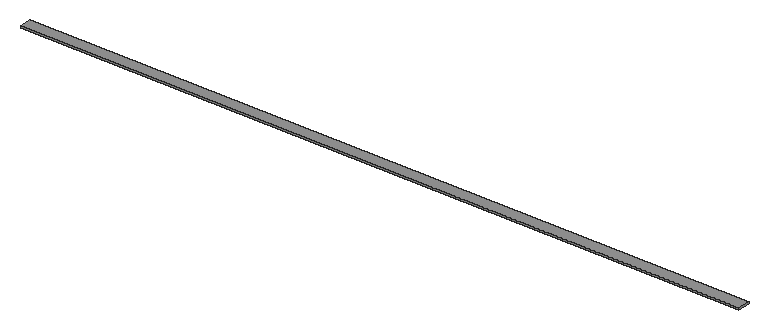
Revit family "0068100", category Lighting Fixtures, host Face, Revit 2017
Family settings
  Host = Face
  Round Connector Dimension = Use Diameter
  Part Type = Normal
  OmniClass Number = 23.80.70.00
  OmniClass Title = Lighting
  Cut with Voids When Loaded = No
  Light Source = Yes
  Shared = No
  Room Calculation Point = No
Parameters (values of type "0068100 START FLEX IP20 830 2800LM - 500 mm")
  Width_SYL = if(IP20HO_SYL, 10 mm, if(IP65_SYL, 12 mm, if(IP65HO_SYL, 10 mm, if(IP67_SYL, 10 mm, if(IP20RGB_SYL, 8 mm, if(IP20RGBW_SYL, 12 mm, if(IP67RGB_SYL, 12 mm, if(IP67RGBW_SYL, 14 mm, 8 mm))))))))  # 8 mm
  Weight = "2.0 kg"
  Wattage Comments = ""
  Wattage = 24 W
  WarrantyStartDate [instance] = "n/a"
  WarrantyGuarantorParts = "n/a"
  WarrantyDurationUnit = "n/a"
  WarrantyDurationParts = "n/a"
  WarrantyDescription = "n/a"
  built-in parameter 1150110 = 1 (stored number, unit not read)
  Voltage = 24 V
  URL = "http://www.sylvania-lighting.com"
  TypeName = "START FLEX IP20 830 2800LM - 500 mm"
  Type Image = <None>
  Type Comments = "n/a"
  built-in parameter 1114217 = 1 (stored number, unit not read)
  Tilt Angle = -90.00°
  built-in parameter 1150109 = 1 (stored number, unit not read)
  built-in parameter 1150134 = (empty or 0)
  built-in parameter 1150113 = 1 (stored number, unit not read)
  StartCapWidth_SYL = if(IP20HO_SYL, 2 mm, if(IP65_SYL, 14 mm, if(IP65HO_SYL, 12 mm, if(IP67_SYL, 17.5 mm, if(IP20RGB_SYL, 2 mm, if(IP20RGBW_SYL, 2 mm, if(IP67RGB_SYL, 14 mm, if(IP67RGBW_SYL, 16 mm, 2 mm))))))))  # 2 mm
  StartCapVisible_SYL [instance] = no
  StartCapLength_SYL = if(IP20HO_SYL, 2 mm, if(IP65_SYL, 10 mm, if(IP65HO_SYL, 15 mm, if(IP67_SYL, 35 mm, if(IP20RGB_SYL, 2 mm, if(IP20RGBW_SYL, 2 mm, if(IP67RGB_SYL, 12 mm, if(IP67RGBW_SYL, 12 mm, 2 mm))))))))  # 2 mm
  StartCapHeight_SYL = if(IP20HO_SYL, 2 mm, if(IP65_SYL, 6 mm, if(IP65HO_SYL, 6 mm, if(IP67_SYL, 9.5 mm, if(IP20RGB_SYL, 2 mm, if(IP20RGBW_SYL, 2 mm, if(IP67RGB_SYL, 7 mm, if(IP67RGBW_SYL, 7 mm, 2 mm))))))))  # 2 mm
  SerialNumber [instance] = "n/a"
  SealingVisibility_SYL = no
  IP67_SYL = no
  IP67RGB_SYL = no
  IP67RGBW_SYL = no
  IP65_SYL = no
  IP65HO_SYL = no
  IP20RGB_SYL = no
  IP20RGBW_SYL = no
  IP20HO_SYL = no
  HeightWithSealing_SYL = if(IP20HO_SYL, 2 mm, if(IP65_SYL, 4 mm, if(IP65HO_SYL, 4 mm, if(IP67_SYL, 6 mm, if(IP20RGB_SYL, 2 mm, if(IP20RGBW_SYL, 2 mm, if(IP67RGB_SYL, 5 mm, if(IP67RGBW_SYL, 5 mm, 2 mm))))))))  # 2 mm
  Photometric Web File = "0068100.ies"
  Material_3_SYL = ABS Plastic
  PowerFactor = 0
  PowerConsumption = "24 W"
  NominalLength = 5000 mm
  NominalHeight = 1.2 mm
  NominalDepth = 8 mm
  Name = "START FLEX IP20 830 2800LM - 500 mm"
  ModelReference = Name  # "START FLEX IP20 830 2800LM - 500 mm"
  ModelNumber = "0068100"
  Model = Name  # "START FLEX IP20 830 2800LM - 500 mm"
  Material = "none diffuser"
  ManufacturerName = "Feilo Sylvania"
  Manufacturer = "Feilo Sylvania"
  LuminousEfficacy = "117 lm/W"
  built-in parameter 1150105 = 956.2 (stored number, unit not read)
  Lumens = 2808 lm
  LuminaireType = ""
  built-in parameter 1150115 = 1 (stored number, unit not read)
  LightOutputRatio = "n/a"
  built-in parameter 1150137 = (empty or 0)
  built-in parameter 1150139 = (empty or 0)
  Length_SYL = 500 mm
  LampsType = Lamp  # "LED"
  LampNominalLuminous = "2800 lm"
  LampMacAdamStep = "3"
  LampColourTemperature = "3000 K"
  LampColourRenderingIndex = "80"
  built-in parameter 1150112 = 1 (stored number, unit not read)
  built-in parameter 1150114 = 1 (stored number, unit not read)
  Lamp = "LED"
  Keynote = "16500"
  InstallationDate [instance] = "n/a"
  InputVoltage = "24V DC"
  InputNominalFrequency = "n/a"
  built-in parameter 1150132 = (empty or 0)
  built-in parameter 1150102 = (empty or 0)
  built-in parameter 1150107 = 3000 (stored number, unit not read)
  built-in parameter 1150138 = (empty or 0)
  IngressProtection = "IP20"
  ImpactProtectionIndex = "IK00"
  built-in parameter 1150106 = 9.562 (stored number, unit not read)
  IfcExportType = "IfcLightFixtureType"
  IfcExportAs = "IfcLightFixtureType"
  EndCapWidth_SYL = if(IP20HO_SYL, 2 mm, if(IP65_SYL, 14 mm, if(IP65HO_SYL, 12 mm, if(IP67_SYL, 17.5 mm, if(IP20RGB_SYL, 2 mm, if(IP20RGBW_SYL, 2 mm, if(IP67RGB_SYL, 14 mm, if(IP67RGBW_SYL, 16 mm, 2 mm))))))))  # 2 mm
  EndCapVisible_SYL [instance] = no
  EndCapLength_SYL = if(IP20HO_SYL, 2 mm, if(IP65_SYL, 10 mm, if(IP65HO_SYL, 10 mm, if(IP67_SYL, 15 mm, if(IP20RGB_SYL, 2 mm, if(IP20RGBW_SYL, 2 mm, if(IP67RGB_SYL, 10 mm, if(IP67RGBW_SYL, 10 mm, 2 mm))))))))  # 2 mm
  EndCapHeight_SYL = if(IP20HO_SYL, 2 mm, if(IP65_SYL, 6 mm, if(IP65HO_SYL, 6 mm, if(IP67_SYL, 9.5 mm, if(IP20RGB_SYL, 2 mm, if(IP20RGBW_SYL, 2 mm, if(IP67RGB_SYL, 7 mm, if(IP67RGBW_SYL, 7 mm, 2 mm))))))))  # 2 mm
  EmitSurfaceOffset_SYL = 1 mm  # constant formula
  EmitSurfaceHeight_SYL = if(IP20HO_SYL, 1.2 mm, if(IP65_SYL, 4 mm, if(IP65HO_SYL, 4 mm, if(IP67_SYL, 6 mm, if(IP20RGB_SYL, 1.2 mm, if(IP20RGBW_SYL, 1.2 mm, if(IP67RGB_SYL, 5 mm, if(IP67RGBW_SYL, 5 mm, 1.2 mm))))))))  # 1.2 mm
  Emit from Rectangle Width = if(IP20HO_SYL, 3.5 mm, if(IP65_SYL, 12 mm, if(IP65HO_SYL, 10 mm, if(IP67_SYL, 10 mm, if(IP20RGB_SYL, 5 mm, if(IP20RGBW_SYL, 5 mm, if(IP67RGB_SYL, 12 mm, if(IP67RGBW_SYL, 14 mm, 3.5 mm))))))))  # 3.5 mm
  Emit from Rectangle Length = Length_SYL - 2 * EmitSurfaceOffset_SYL  # 498 mm
  Emit Shape Visible in Rendering = no
  ElectricShockClassification = "Class III"
  built-in parameter 1150104 = 10.87 (stored number, unit not read)
  DocumentationLiterature = "http://www.sylvania-lighting.com/product/en-int/products/0068100"
  DimmingControlOptions = "n/a"
  Material_2_SYL = LED
  Dimming Lamp Color Temperature Shift = <None>
  Description = "5 metre IP20 LED reel with pre-attached 3M adhesive type;  equipped with 300 LEDs; 2800lm per 5m (560lm per 1m); 24V; 3000K; CRI80; SDCM <3; 50000 hrs (L70)"
  Default Elevation = 1219.2 mm
  CreatedOn = "9/11/2019"
  CreatedBy = "@sylvania-lighting.com"
  Cost = 0
  Color Filter = 16777215
  built-in parameter 1114216 [instance] = (empty or 0)
  ClassificationValue = "EF_70_80"
  ClassificationName = "Uniclass2015"
  Material_1_SYL = Aluminum
  BarCode [instance] = "n/a"
  built-in parameter 1114218 = 1 (stored number, unit not read)
  built-in parameter 1150133 = 10 (stored number, unit not read)
  AssetType = "Fixed"
  AssetIdentifier [instance] = "n/a"
  Assembly Code = "D5020200"
  Apparent Load = 24 VA
  Material_4_SYL = Polycarbonate, Clear
Types (4, lengths in mm): name | TypeName | StartCapVisible_SYL | Name | ModelReference | Model | Length_SYL | EndCapVisible_SYL | Emit from Rectangle Length
  0068100 START FLEX IP20 830 2800LM - 500 mm | "START FLEX IP20 830 2800LM - 500 mm" | no | "START FLEX IP20 830 2800LM - 500 mm" | "START FLEX IP20 830 2800LM - 500 mm" | "START FLEX IP20 830 2800LM - 500 mm" | 500 | no | 498
  0068100 START FLEX IP20 830 2800LM - 100 mm | "START FLEX IP20 830 2800LM - 100 mm" | no | "START FLEX IP20 830 2800LM - 100 mm" | "START FLEX IP20 830 2800LM - 100 mm" | "START FLEX IP20 830 2800LM - 100 mm" | 100 | no | 98
  0068100 START FLEX IP20 830 2800LM - 50 mm | "START FLEX IP20 830 2800LM - 50 mm" | yes | "START FLEX IP20 830 2800LM - 50 mm" | "START FLEX IP20 830 2800LM - 50 mm" | "START FLEX IP20 830 2800LM - 50 mm" | 50 | yes | 48
  0068100 START FLEX IP20 830 2800LM - 10 mm | "START FLEX IP20 830 2800LM - 10 mm" | yes | "START FLEX IP20 830 2800LM - 10 mm" | "START FLEX IP20 830 2800LM - 10 mm" | "START FLEX IP20 830 2800LM - 10 mm" | 10 | yes | 8
Reference planes
  plane 1 "Center (Front/Back)": y = 0
  plane 2: z = 0
  plane 3 "Center (Left/Right)": x = 0
  plane 4: y = 4
  plane 5: y = -4
  plane 6: z = 1.2
  plane 7: x = 500
  plane 8: x = 250
  plane 9: x = 1
  plane 10: x = 499
  plane 11: y = 1.8
  plane 12: y = -1.8
  plane 13: y = 1
  plane 14: y = -1
  plane 15: x = -2
  plane 16: x = 502
  plane 17: y = 1
  plane 18: y = -1
  plane 19: z = 1.2
  plane 20: z = 2
  plane 21: z = 0.6
  plane 22: z = -0.4
  plane 23: z = 1.6
  plane 24: z = 1.6
  plane 25: z = -0.4
Forms (mm)
  Extrusion 1, solid, material "Aluminum" <- "Material_1_SYL"
    sketch origin (0, 0, 0) x (0, 1, 0) y (0, 0, 1)
      loop
        line (-4, 1.2) -> (-4, 0) -> (4, 0) -> (4, 1.2) -> (-4, 1.2)
    from 0 to 500
  Extrusion 2, solid, material "Polycarbonate, Clear" <- "Material_4_SYL", visible <- "SealingVisibility_SYL"
    sketch origin (0, 0, 0) x (0, 1, 0) y (0, 0, 1)
      loop
        line (-4, 1.2) -> (4, 1.2) -> (4, 2) -> (-4, 2) -> (-4, 1.2)
    from 0 to 500
  Extrusion 3, solid, visible <- "StartCapVisible_SYL"
    sketch origin (0, 0, 0) x (0, 1, 0) y (0, 0, 1)
      loop
        line (-1, -0.4) -> (1, -0.4) -> (1, 1.6) -> (-1, 1.6) -> (-1, -0.4)
    from 0 to -2
  Extrusion 4, solid, visible <- "EndCapVisible_SYL"
    sketch origin (500, 1524, 1219.2) x (0, 1, 0) y (0, 0, 1)
      loop
        line (-1523, -1219.6) -> (-1523, -1217.6) -> (-1525, -1217.6) -> (-1525, -1219.6) -> (-1523, -1219.6)
    from 0 to 2
Lines and regions (mm)
  Split face 1
    outline origin (0, -4, 1.2) x (0, 1, 0) y (-1, 0, 0)
      loop
        line (5.8, -1) -> (2.2, -1) -> (2.2, -499) -> (5.8, -499) -> (5.8, -1)
  reference lines
    curve 1: line (1, 1.8, 0) -> (499, 1.8, 0)
    curve 2: line (1, -1.8, 0) -> (1, 1.8, 0)
    curve 3: line (499, -1.8, 0) -> (1, -1.8, 0)
    curve 4: line (499, 1.8, 0) -> (499, -1.8, 0)
Dimensions and locks
  equal spacing: plane 5, plane 1 "Center (Front/Back)", plane 4
  "Width_SYL": plane 5 to plane 4
  "Length_SYL": plane 3 "Center (Left/Right)" to plane 7
  "EmitSurfaceOffset_SYL": plane 3 "Center (Left/Right)" to plane 9
  equal spacing: plane 9, plane 8, plane 10
  "EmitSurfaceOffset_SYL": plane 10 to plane 7
  equal spacing: plane 12, plane 1 "Center (Front/Back)", plane 11
  locked: plane 12 to plane 11 at 3.6
  equal spacing: plane 14, plane 1 "Center (Front/Back)", plane 13
  "StartCapWidth_SYL": plane 14 to plane 13
  "StartCapLength_SYL": plane 15 to plane 3 "Center (Left/Right)"
  equal spacing: plane 18, plane 1 "Center (Front/Back)", plane 17
  "EndCapWidth_SYL": plane 18 to plane 17
  "EndCapLength_SYL": plane 7 to plane 16
  "EmitSurfaceHeight_SYL": plane 19 to plane 2
  "HeightWithSealing_SYL": host face to plane 20
  equal spacing: plane 2, plane 21, plane 19
  equal spacing: plane 22, plane 21, plane 23
  "EndCapHeight_SYL": plane 22 to plane 23
  equal spacing: plane 25, plane 21, plane 24
  "StartCapHeight_SYL": plane 25 to plane 24
  aligned and locked: plane 2 to host face
  aligned and locked: level to host face
  aligned and locked: plane 6 to Extrusion 1 sketch curve
  aligned and locked: Extrusion 1 sketch curve to plane 5
  aligned and locked: level to Extrusion 1 sketch curve
  aligned and locked: plane 4 to Extrusion 1 sketch curve
  aligned and locked: plane 7 to Extrusion 1
  aligned and locked: imposter light to plane 1 "Center (Front/Back)"
  aligned and locked: plane 8 to imposter light
  aligned and locked: plane 11 to curve 1
  aligned and locked: plane 9 to curve 2
  aligned and locked: curve 3 to plane 12
  aligned and locked: curve 4 to plane 10
  aligned and locked: Split face 1 sketch curve to curve 1
  aligned and locked: Split face 1 sketch curve to curve 4
  aligned and locked: Split face 1 sketch curve to curve 3
  aligned and locked: Split face 1 sketch curve to curve 2
  aligned and locked: imposter light to plane 19
  aligned and locked: Extrusion 2 sketch curve to Extrusion 1  (x2)
  aligned and locked: Extrusion 2 sketch curve to plane 20
  aligned and locked: Extrusion 2 sketch curve to plane 4
  aligned and locked: Extrusion 2 to plane 3 "Center (Left/Right)"
  aligned and locked: plane 7 to Extrusion 2
  aligned and locked: plane 22 to Extrusion 3 sketch curve
  aligned and locked: plane 14 to Extrusion 3 sketch curve
  aligned and locked: Extrusion 3 sketch curve to plane 23
  aligned and locked: Extrusion 3 sketch curve to plane 13
  aligned and locked: Extrusion 3 to plane 15
  aligned and locked: plane 3 "Center (Left/Right)" to Extrusion 3
  aligned and locked: plane 13 to Extrusion 4 sketch curve
  aligned and locked: plane 23 to Extrusion 4 sketch curve
  aligned and locked: Extrusion 4 sketch curve to plane 18
  aligned and locked: Extrusion 4 sketch curve to plane 25
  aligned and locked: plane 16 to Extrusion 4
  aligned and locked: Extrusion 4 to plane 7
Automatic sketch dimensions
  host sketch curve to host sketch curve = 600 mm
  host sketch curve to host sketch curve = 100 mm
Connectors
  electrical at (0, 0, 0.6), driven by "Voltage", driven by "Apparent Load", driven by "PowerFactor"
    settings: on Extrusion 1, index 1, voltage 24 V, apparent load 24 VA, apparent load phase1 0 VA, apparent load phase2 0 VA, apparent load phase3 0 VA, power factor 0, load classification "Other", number of poles 1, system type 30, power factor state 1, is connector primary yes, connector utility no, sub classification motor no, connector description ""
